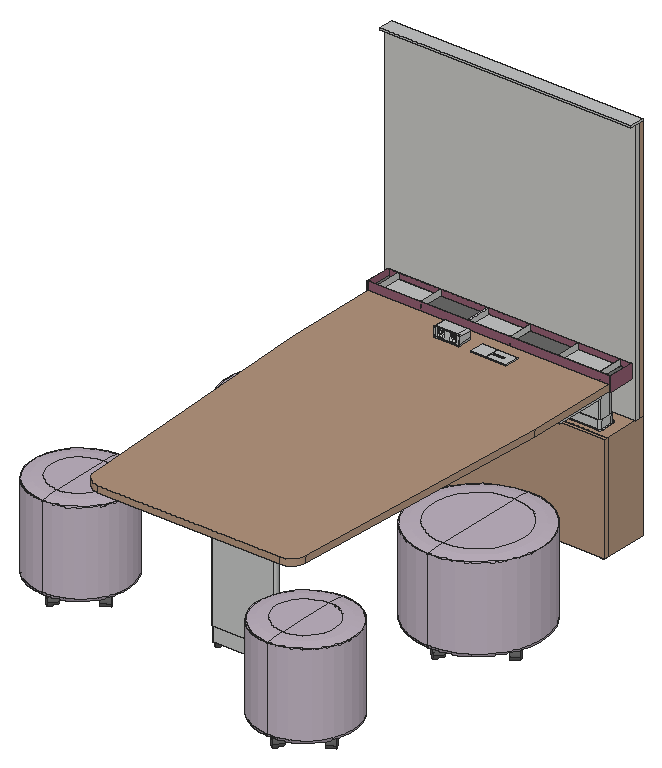
Revit family "Expansion_Casegoods-Meeting_01-Teknion-R2018", category Furniture Systems, Revit 2018 (continued)
Definition of nested family "Desk_Accessories-Teknion-BALWO_Lateral_Worksurface_Organizer-R2018"
  Lines and regions (in)
    Masking region 1
      outline origin (0, 0, 0) x (1, 0, 0) y (0, 1, 0)
        loop
          line (-2.51692, 23.28237) -> (-2.51692, 23.22332) -> (2.48308, 23.22332) -> (2.48308, 23.28237) -> (-2.51692, 23.28237)
    Masking region 2
      outline origin (0, 0, 0) x (1, 0, 0) y (0, 1, 0)
        loop
          line (-2.51692, 23.22332) -> (-2.51692, -22.90057) -> (-2.45787, -22.90057) -> (-2.45787, 23.22332) -> (-2.51692, 23.22332)
        loop
          line (2.42402, 23.04615) -> (2.42402, -22.72341) -> (2.48308, -22.72341) -> (2.48308, 23.04615) -> (2.42402, 23.04615)
    Masking region 3
      outline origin (0, 0, 0) x (1, 0, 0) y (0, 1, 0)
        loop
          line (-2.45787, -22.72341) -> (2.42402, -22.72341) -> (2.42402, 23.04615) -> (-2.45787, 23.04615) -> (-2.45787, -22.72341)
    Masking region 4
      outline origin (0, 0, 0) x (1, 0, 0) y (0, 1, 0)
        loop
          line (-2.51692, -22.90057) -> (-2.51692, -22.95963) -> (2.48308, -22.95963) -> (2.48308, -22.90057) -> (-2.51692, -22.90057)
    Masking region 5
      outline origin (0, 0, 0) x (1, 0, 0) y (0, 1, 0)
        loop
          line (-0.74527, 23.22332) -> (-0.74527, 23.04615) -> (0.71143, 23.04615) -> (0.71143, 23.22332) -> (-0.74527, 23.22332)
    Masking region 6
      outline origin (0, 0, 0) x (1, 0, 0) y (0, 1, 0)
        loop
          line (-0.74527, -22.72341) -> (-0.74527, -22.90057) -> (0.71143, -22.90057) -> (0.71143, -22.72341) -> (-0.74527, -22.72341)
    symbolic lines, visible <- "Top End Bay Visibility"
      curve 1: line (2.42402, 21.19576, 0) -> (-2.45787, 21.19576, 0)
      curve 2: line (2.42402, 13.23513, 0) -> (-2.45787, 13.23513, 0)
      curve 3: line (-2.30039, 13.23513, 0) -> (-2.30039, 13.17607, 0)
      curve 4: line (-2.30039, 13.17607, 0) -> (2.26654, 13.17607, 0)
      curve 5: line (2.26654, 13.17607, 0) -> (2.26654, 13.23513, 0)
      curve 6: line (-2.30039, 21.25481, 0) -> (-2.30039, 21.19576, 0)
      curve 7: line (-2.30039, 21.25481, 0) -> (2.26654, 21.25481, 0)
      curve 8: line (2.26654, 21.19576, 0) -> (2.26654, 21.25481, 0)
      curve 9: line (2.36497, 21.19576, 0) -> (2.36497, 13.23513, 0)
      curve 10: line (-2.39881, 13.23513, 0) -> (-2.39881, 21.19576, 0)
    symbolic lines, visible <- "Center Bay Visibility"
      curve 11: line (2.42402, 4.14169, 0) -> (-2.45787, 4.14169, 0)
      curve 12: line (-2.30039, 4.20074, 0) -> (-2.30039, 4.14169, 0)
      curve 13: line (-2.30039, 4.20074, 0) -> (2.26654, 4.20074, 0)
      curve 14: line (2.26654, 4.14169, 0) -> (2.26654, 4.20074, 0)
      curve 15: line (2.42402, 4.14169, 0) -> (-2.45787, 4.14169, 0)
      curve 16: line (2.42402, -3.81894, 0) -> (-2.45787, -3.81894, 0)
      curve 17: line (-2.30039, -3.81894, 0) -> (-2.30039, -3.878, 0)
      curve 18: line (-2.30039, -3.878, 0) -> (2.26654, -3.878, 0)
      curve 19: line (2.26654, -3.878, 0) -> (2.26654, -3.81894, 0)
    symbolic lines, visible <- "Bottom End Bay Visibility"
      curve 20: line (2.42402, -12.91238, 0) -> (-2.45787, -12.91238, 0)
      curve 21: line (2.42402, -20.87301, 0) -> (-2.45787, -20.87301, 0)
      curve 22: line (-2.30039, -20.93207, 0) -> (2.26654, -20.93207, 0)
      curve 23: line (-2.30039, -20.87301, 0) -> (-2.30039, -20.93207, 0)
      curve 24: line (2.26654, -20.93207, 0) -> (2.26654, -20.87301, 0)
      curve 25: line (-2.30039, -12.85333, 0) -> (-2.30039, -12.91238, 0)
      curve 26: line (-2.30039, -12.85333, 0) -> (2.26654, -12.85333, 0)
      curve 27: line (2.26654, -12.91238, 0) -> (2.26654, -12.85333, 0)
    symbolic lines, visible <- "Bottom End Bay Visibility", detail levels fine
      curve 28: line (-2.39881, -20.87301, 0) -> (-2.39881, -12.91238, 0)
      curve 29: line (2.36497, -12.91238, 0) -> (2.36497, -20.87301, 0)
    symbolic lines, detail levels medium+fine
      curve 30: line (-2.37913, 23.04615, 0) -> (-2.37913, -22.72341, 0)
      curve 31: line (2.34528, -22.72341, 0) -> (2.34528, 23.04615, 0)
    symbolic lines, visible <- "Center Bay Visibility", detail levels fine
      curve 32: line (-2.39881, -3.81894, 0) -> (-2.39881, 4.14169, 0)
      curve 33: line (2.36497, 4.14169, 0) -> (2.36497, -3.81894, 0)
    symbolic lines, visible <- "Top End Bay Visibility", detail levels fine
      curve 34: line (-2.39881, 13.23513, 0) -> (-2.39881, 21.19576, 0)
      curve 35: line (2.36497, 21.19576, 0) -> (2.36497, 13.23513, 0)
    reference lines
      curve 36: line (-2.51692, 23.28237, 0) -> (2.48308, 23.28237, 0)
      curve 37: line (-2.51692, -22.95963, 0) -> (2.48308, -22.95963, 0)
  Dimensions and locks (in)
    equal spacing: plane 4 "Left", plane 3 "Center Left/Right", plane 5 "Right", locked at 2.5 each
    "Actual Depth": plane 6 "Back" to plane 7 "Front"
    plane 8 "Top" to level = 0.000"
    equal spacing: plane 7 "Front", plane 1 "Center Front/Back", plane 6 "Back"
    locked: plane 9 to plane 8 "Top" at 1.47638
    locked: plane 4 "Left" to Sweep 1 sketch curve at 0.05906
    locked: plane 7 "Front" to Sweep 1 sketch curve at 0.05906
    locked: plane 6 "Back" to Sweep 1 sketch curve at 0.05906
    locked: Sweep 2 sketch curve to plane 8 "Top" at 0.05905
    locked: Sweep 2 sketch curve to plane 5 "Right" at 0.05906
    locked: Sweep 2 sketch curve to plane 4 "Left" at 0.05906
    locked: plane 6 "Back" to Sweep 2 sketch curve at 0.23622
    locked: plane 7 "Front" to Sweep 2 sketch curve at 0.23622
    locked: plane 6 "Back" to Sweep 3 sketch curve at 0.05906
    locked: Sweep 3 sketch curve to plane 5 "Right" at 0.19685  (x2)
    locked: plane 9 to Sweep 3 sketch curve at 0.19685
    locked: plane 8 "Top" to Sweep 3 sketch curve at 0.99213  (x2)
    locked: Sweep 3 sketch curve to plane 4 "Left" at 0.19685
    locked: plane 7 "Front" to Sweep 4 sketch curve at 0.05906
    plane 8 "Top" to Sweep 4 sketch curve to Sweep 4 sketch curve to Sweep 4 sketch curve = 0.99213" locked, 0.000" locked, 0.19685" locked
    locked: Sweep 4 sketch curve to plane 4 "Left" at 0.19685
    locked: Sweep 4 sketch curve to plane 5 "Right" at 0.19685
    locked: plane 9 to Sweep 4 sketch curve at 0.19685
    Sweep 5 sketch curve to Sweep 5 sketch curve to plane 8 "Top" = 0.27559" locked, 0.05905" locked
    locked: Sweep 5 sketch curve to plane 5 "Right" at 0.1378
    locked: plane 4 "Left" to Sweep 5 sketch curve at 0.1378
    locked: plane 7 "Front" to Sweep 5 sketch curve at 0.23622
    locked: plane 6 "Back" to Sweep 5 sketch curve at 0.23622
    plane 7 "Front" to Sweep 6 sketch curve to Sweep 6 sketch curve = 2.02756" locked, 0.05905" locked
    locked: plane 9 to Sweep 6 sketch curve at 0.15748  (x2)
    locked: Sweep 6 sketch curve to plane 5 "Right" at 0.37402
    locked: Sweep 6 sketch curve to plane 4 "Left" at 0.37401
    locked: Sweep 6 sketch curve to plane 8 "Top" at 0.3937
    plane 7 "Front" to Sweep 7 sketch curve to Sweep 7 sketch curve = 2.08662" locked, 7.96063" locked
    Sweep 7 sketch curve to Sweep 7 sketch curve to plane 4 "Left" = 0.05906" locked, 0.05906" locked
    Sweep 7 sketch curve to Sweep 7 sketch curve to plane 5 "Right" = 0.05906" locked, 0.05906" locked
    Sweep 7 sketch curve to Sweep 7 sketch curve to Sweep 7 sketch curve to Sweep 7 sketch curve to plane 8 "Top" = 0.05905" locked, 0.19685" locked, 0.000" locked, 0.1378" locked
    plane 7 "Front" to Sweep 8 sketch curve to Sweep 8 sketch curve = 10.04725" locked, 0.05905" locked
    Sweep 9 sketch curve to Sweep 9 sketch curve to plane 1 "Center Front/Back" = 0.05905" locked, 3.98031" locked
    plane 1 "Center Front/Back" to Sweep 10 sketch curve to Sweep 10 sketch curve = 3.98032" locked, 0.05905" locked
    Sweep 11 sketch curve to Sweep 11 sketch curve to plane 6 "Back" = 0.05905" locked, 10.04724" locked
    locked: Sweep 12 sketch curve to Sweep 12 sketch curve at 0.05905
    Sweep 13 sketch curve to Sweep 13 sketch curve to plane 6 "Back" = 7.96063" locked, 2.08661" locked
    locked: Sweep 13 sketch curve to Sweep 13 sketch curve at 0.05906  (x2)
    Sweep 13 sketch curve to Sweep 13 sketch curve to Sweep 13 sketch curve to Sweep 13 sketch curve = 0.05905" locked, 0.19685" locked, 0.000" locked
    Sweep 14 sketch curve to plane 1 "Center Front/Back" to Sweep 14 sketch curve = 3.98032" locked, 3.98032" locked
    locked: Sweep 14 sketch curve to Sweep 14 sketch curve at 0.05906  (x2)
    Sweep 14 sketch curve to Sweep 14 sketch curve to Sweep 14 sketch curve to Sweep 14 sketch curve = 0.05905" locked, 0.19685" locked, 0.000" locked
    plane 7 "Front" to Sweep 15 sketch curve to Sweep 15 sketch curve = 0.05906" locked, 0.17716" locked
    Sweep 15 sketch curve to plane 3 "Center Left/Right" to Sweep 15 sketch curve = 0.72835" locked, 0.72835" locked
    locked: Sweep 15 sketch curve to plane 8 "Top" at 0.05905
    plane 6 "Back" to Sweep 16 sketch curve to Sweep 16 sketch curve = 0.05906" locked, 0.17716" locked
    Sweep 16 sketch curve to plane 3 "Center Left/Right" to Sweep 16 sketch curve = 0.72835" locked, 0.72835" locked
    Masking region 5 sketch curve to plane 3 "Center Left/Right" to Masking region 5 sketch curve = 0.72835" locked, 0.72835" locked
    aligned and locked: level to plane 2
    aligned and locked: plane 9 to Sweep 1 sketch curve
    aligned and locked: plane 8 "Top" to Sweep 1 sketch curve
    aligned and locked: plane 3 "Center Left/Right" to Sweep 1 sketch curve
    aligned and locked: Sweep 1 sketch curve to plane 4 "Left"
    aligned and locked: plane 8 "Top" to Sweep 2 sketch curve
    aligned and locked: Sweep 2 sketch curve to plane 5 "Right"
    aligned and locked: plane 9 to Sweep 2 sketch curve
    aligned and locked: plane 3 "Center Left/Right" to Sweep 2 sketch curve
    aligned and locked: plane 6 "Back" to Sweep 3 sketch curve
    aligned and locked: plane 5 "Right" to Sweep 3 sketch curve
    aligned and locked: Sweep 3 sketch curve to plane 9
    aligned and locked: Sweep 3 sketch curve to plane 4 "Left"
    aligned and locked: plane 7 "Front" to Sweep 4 sketch curve
    aligned and locked: Sweep 4 sketch curve to plane 4 "Left"
    aligned and locked: Sweep 4 sketch curve to plane 9
    aligned and locked: plane 5 "Right" to Sweep 4 sketch curve
    aligned and locked: plane 1 "Center Front/Back" to Sweep 5 sketch curve
    aligned and locked: Sweep 6 sketch curve to plane 3 "Center Left/Right"
    aligned and locked: Sweep 6 sketch curve to plane 9
    aligned and locked: plane 3 "Center Left/Right" to Sweep 7 sketch curve
    aligned and locked: Sweep 15 sketch curve to plane 3 "Center Left/Right"
    aligned and locked: plane 8 "Top" to Sweep 15 sketch curve
    aligned and locked: Masking region 1 sketch curve to plane 4 "Left"
    aligned and locked: Masking region 1 sketch curve to Sweep 3
    aligned and locked: plane 5 "Right" to Masking region 1 sketch curve
    aligned and locked: Masking region 1 sketch curve to plane 6 "Back"
    aligned and locked: Masking region 2 sketch curve to Sweep 3
    aligned and locked: Masking region 2 sketch curve to Sweep 1  (x3)
    aligned and locked: Masking region 2 sketch curve to Sweep 2  (x4)
    aligned and locked: Sweep 2 to Masking region 3 sketch curve
    aligned and locked: Masking region 3 sketch curve to Sweep 2  (x2)
    aligned and locked: Masking region 3 sketch curve to Sweep 1
    aligned and locked: Masking region 4 sketch curve to Sweep 4
    aligned and locked: plane 5 "Right" to Masking region 4 sketch curve
    aligned and locked: plane 4 "Left" to Masking region 4 sketch curve
    aligned and locked: Masking region 4 sketch curve to plane 7 "Front"
    aligned and locked: Sweep 3 to Masking region 5 sketch curve
    aligned and locked: Sweep 2 to Masking region 5 sketch curve
    aligned and locked: Masking region 6 sketch curve to Sweep 15  (x4)
    aligned and locked: curve 1 to Sweep 13
    aligned and locked: curve 2 to Sweep 13
    aligned and locked: curve 3 to Sweep 11
    aligned and locked: curve 4 to Sweep 11
    aligned and locked: curve 5 to Sweep 11
    aligned and locked: curve 6 to Sweep 12
    aligned and locked: curve 7 to Sweep 12
    aligned and locked: curve 8 to Sweep 12
    aligned and locked: curve 9 to Sweep 13
    aligned and locked: curve 10 to Sweep 13
    aligned and locked: curve 11 to Sweep 14
    aligned and locked: curve 12 to Sweep 10
    aligned and locked: curve 13 to Sweep 10
    aligned and locked: curve 14 to Sweep 10
    aligned and locked: curve 15 to Sweep 14
    aligned and locked: curve 16 to Sweep 14
    aligned and locked: curve 17 to Sweep 9
    aligned and locked: curve 18 to Sweep 9
    aligned and locked: curve 19 to Sweep 9
    aligned and locked: curve 20 to Sweep 7
    aligned and locked: curve 21 to Sweep 7
    aligned and locked: curve 22 to Sweep 6
    aligned and locked: curve 23 to Sweep 6
    aligned and locked: curve 24 to Sweep 6
    aligned and locked: curve 25 to Sweep 8
    aligned and locked: curve 26 to Sweep 8
    aligned and locked: curve 27 to Sweep 8
    aligned and locked: curve 28 to Sweep 7
    aligned and locked: curve 29 to Sweep 7
    aligned and locked: curve 30 to Sweep 5
    aligned and locked: curve 31 to Sweep 5
    aligned and locked: curve 32 to Sweep 14
    aligned and locked: curve 33 to Sweep 14
    aligned and locked: curve 34 to Sweep 13
    aligned and locked: curve 35 to Sweep 13
    aligned and locked: curve 36 to plane 6 "Back"
    aligned and locked: curve 37 to plane 7 "Front"
  Automatic sketch dimensions
    Sweep 3 sketch curve to plane 3 "Center Left/Right" = 0.000"
    Sweep 4 sketch curve to plane 3 "Center Left/Right" = 0.000"
    Sweep 8 sketch curve to plane 3 "Center Left/Right" = 0.000"
    profile plane to Sweep 8 sketch curve = 2.28346"
    Sweep 8 sketch curve to Sweep 8 sketch curve = 0.15748"  (x2)
    level to Sweep 8 sketch curve = 1.3189"
    Sweep 8 sketch curve to profile plane = 2.12598"
    level to Sweep 8 sketch curve = 0.3937"
    Sweep 9 sketch curve to plane 3 "Center Left/Right" = 0.000"
    profile plane to Sweep 9 sketch curve = 2.28346"
    Sweep 9 sketch curve to Sweep 9 sketch curve = 0.15748"  (x2)
    level to Sweep 9 sketch curve = 1.3189"
    Sweep 9 sketch curve to profile plane = 2.12598"
    level to Sweep 9 sketch curve = 0.3937"
    Sweep 10 sketch curve to plane 3 "Center Left/Right" = 0.000"
    profile plane to Sweep 10 sketch curve = 2.28346"
    Sweep 10 sketch curve to Sweep 10 sketch curve = 0.15748"  (x2)
    level to Sweep 10 sketch curve = 1.3189"
    Sweep 10 sketch curve to profile plane = 2.12598"
    level to Sweep 10 sketch curve = 0.3937"
    Sweep 11 sketch curve to plane 3 "Center Left/Right" = 0.000"
    profile plane to Sweep 11 sketch curve = 2.28346"
    Sweep 11 sketch curve to Sweep 11 sketch curve = 0.15748"  (x2)
    level to Sweep 11 sketch curve = 1.3189"
    Sweep 11 sketch curve to profile plane = 2.12598"
    level to Sweep 11 sketch curve = 0.3937"
    Sweep 12 sketch curve to plane 3 "Center Left/Right" = 0.000"
    Sweep 12 sketch curve to plane 6 "Back" = 2.08661"
    profile plane to Sweep 12 sketch curve = 2.28346"
    Sweep 12 sketch curve to Sweep 12 sketch curve = 0.15748"  (x2)
    level to Sweep 12 sketch curve = 1.3189"
    Sweep 12 sketch curve to profile plane = 2.12598"
    level to Sweep 12 sketch curve = 0.3937"
    Sweep 13 sketch curve to plane 3 "Center Left/Right" = 0.000"
    level to Sweep 13 sketch curve = 0.3937"
    profile plane to Sweep 13 sketch curve = 2.44094"
    Sweep 13 sketch curve to profile plane = 2.38189"
    Sweep 14 sketch curve to plane 3 "Center Left/Right" = 0.000"
    level to Sweep 14 sketch curve = 0.3937"
    profile plane to Sweep 14 sketch curve = 2.44094"
    Sweep 14 sketch curve to profile plane = 2.38189"
    Sweep 16 sketch curve to plane 3 "Center Left/Right" = 0.000"
    Sweep 16 sketch curve to level = 0.000"
    level to Sweep 16 sketch curve = 0.05905"
    plane 4 "Left" to curve 1 = 0.05906"
    plane 4 "Left" to curve 2 = 0.05906"
    plane 5 "Right" to curve 2 = 0.05906"
    curve 9 to curve 1 = 0.05906"
    plane 4 "Left" to curve 11 = 0.05906"
    plane 5 "Right" to curve 11 = 0.05906"
    curve 15 to curve 11 = 0.000"  (x2)
    plane 4 "Left" to curve 16 = 0.05906"
    curve 17 to curve 17 = 0.05905"
    curve 19 to curve 19 = 0.05905"
    plane 5 "Right" to curve 20 = 0.05906"
    plane 4 "Left" to curve 21 = 0.05906"
    plane 5 "Right" to curve 21 = 0.05906"
    curve 20 to curve 28 = 0.05906"
    curve 30 to plane 7 "Front" = 0.23622"
    curve 30 to plane 6 "Back" = 0.23622"
    curve 31 to plane 7 "Front" = 0.23622"
    curve 31 to plane 6 "Back" = 0.23622"
    curve 33 to curve 16 = 0.05906"
    curve 36 to plane 4 "Left" = 0.000"
    curve 36 to plane 5 "Right" = 0.000"
    curve 37 to plane 4 "Left" = 0.000"
    curve 37 to plane 5 "Right" = 0.000"
Definition of nested family "Electrical-Teknion-BEEPC_Power_Cube-R2018"
  Parameters (values of type "Quad - 2 Power / 0 USB / 2 Data")
    Width = 7.5591"
    Warranty = "http://www.teknion.com/ca/papers/legal-canada"
    Unit Weight URL = "http://www.teknion.com/ca/tools/assets#&asset=bee6a381-b954-425e-8283-5a2de3a804f2,f828d448-4b62-4231-9e5f-9a8991c0ed77"
    URL = "www.teknion.com"
    To render please download texture images found here [instance] = "https://assets.teknion.com/web/5e81352c1dfdb467/revit-material-swatches/"
    Sustainability Data = "https://www.teknion.com/ca/tools/assets#&topic=216f99a5-57a0-44fc-b10a-9dee9b29ae4c&asset=444deb64-fe58-4b68-981e-f75e97781df7,b4ff2d81-9f2e-437d-9659-7cffb09c31cf"
    Series = "Expansion Casegoods"  # constant formula
    Quad - Right USB = no
    Quad - Right Data = yes
    Quad - Power = no
    Quad - Left USB = no
    Quad - Left Data = yes
    Quad = yes
    Product Page URL = "https://www.teknion.com/ca/products/product-details?productLineId=0053336e-8e7a-673b-a6c8-ff00004460c4"
    Product Line = "Expansion Casegoods"  # constant formula
    Product Documentation Link = "https://www.teknion.com/pricing/expansion-casegoods/pdfs/BEEPC_ppg.pdf"
    Part Number = "BEEPC"  # constant formula
    Model = "BEEPCQ202"
    Manufacturer Phone = "416-661-3370"  # constant formula
    Manufacturer Fax = "416.661.4586"  # constant formula
    Manufacturer Contact Information = "http://www.teknion.com/ca/contactus"
    Manufacturer Address = "1150 Flint Road, Toronto, ON. M3J 2J5. Canada"  # constant formula
    Manufacturer = "Teknion"  # constant formula
    How To Use Teknion Materials User Guide [instance] = "https://assets.teknion.com/m/205dd0a49fa58060/original/How-to-add-a-Material-Library-and-Texture-Images-to-your-Revit-project.pdf"
    For Additional Finishes please visit [instance] = "https://assets.teknion.com/m/44a8009b046e5d47/original/Teknion_Materials_Library.zip"
    Dual - USB = no
    Dual - Power = no
    Dual - Data = no
    Dual = no
    Description = "Power Cube, Quad - 2 Power / 0 USB / 2 Data Configuration"
    Default Elevation = 48.000"
    Case, Back & Front Finish [instance] = none
    Assembly Code = "E2020200"
  Types (8): name | Width | Quad - Right USB | Quad - Right Data | Quad - Power | Quad - Left USB | Quad - Left Data | Quad | Model | Dual - USB | Dual - Power | Dual - Data | Dual | Description
    (no name) | 7.5591" | no | yes | no | no | yes | yes | "BEEPCQ202" | no | no | no | no | "Power Cube, Quad - 2 Power / 0 USB / 2 Data Configuration"
    Dual - 1 Power / 0 USB / 1 Data | 5.000" | no | no | no | no | no | no | "BEEPCD101" | no | no | yes | yes | "Power Cube, Dual - 1 Power / 0 USB / 1 Data Configuration"
    Quad - 2 Power / 0 USB / 2 Data | 7.5591" | no | yes | no | no | yes | yes | "BEEPCQ202" | no | no | no | no | "Power Cube, Quad - 2 Power / 0 USB / 2 Data Configuration"
    Dual - 1 Power / 2 USB / 0 Data | 5.000" | no | no | no | no | no | no | "BEEPCD120" | yes | no | no | yes | "Power Cube, Dual - 1 Power / 2 USB / 0 Data Configuration"
    Dual - Power Only | 5.000" | no | no | no | no | no | no | "BEEPCD200" | no | yes | no | yes | "Power Cube, Dual - Power Only Configuration"
    Quad - 2 Power / 2 USB / 1 Data | 7.5591" | yes | no | no | no | yes | yes | "BEEPCQ221" | no | no | no | no | "Power Cube, Quad - 2 Power / 2 USB / 1 Data Configuration"
    Quad - 2 Power / 4 USB / 0 Data | 7.5591" | yes | no | no | yes | no | yes | "BEEPCQ240" | no | no | no | no | "Power Cube, Quad - 2 Power / 4 USB / 0 Data Configuration"
    Quad - 3 Power / 2 USB / 0 Data | 7.5591" | yes | no | yes | no | no | yes | "BEEPCQ320" | no | no | no | no | "Power Cube, Quad - 3 Power / 2 USB / 0 Data Configuration"
  Reference planes (in)
    plane 1 "Center Front/Back": y = 0
    plane 2: z = 0
    plane 3 "Center Left/Right": x = 0
    plane 4 "Left": x = -3.77955
    plane 5 "Right": x = 3.77955
    plane 6 "Back": y = 1.25
    plane 7 "Front": y = -1.25
    plane 8 "Top": z = 2
  Forms (in)
    SweptBlend 1, solid, material <- "Case, Back & Front Finish"
      path origin (0, 0, 0) x (1, 0, 0) y (0, 1, 0)
        loop
          line (0, 1.25) -> (0, -1.25)
      profile origin (0, 1.25, 0) x (1, 0, 0) y (0, 0, 1)
        loop
          arc (-3.3425, 1.87447) -> (-3.60704, 1.76473) -> (-3.7162, 1.49995) r 0.37371
          line (-3.7162, 1.49995) -> (-3.7162, 0.37337)
          arc (-3.7162, 0.37337) -> (-3.60676, 0.10915) -> (-3.34254, -0.00029) r 0.37366
          line (-3.34254, -0.00029) -> (3.34256, -0.00029)
          arc (3.34256, -0.00029) -> (3.60676, 0.10915) -> (3.71619, 0.37335) r 0.37363
          line (3.71619, 0.37335) -> (3.71619, 1.49995)
          arc (3.71619, 1.49995) -> (3.60703, 1.76473) -> (3.34249, 1.87447) r 0.3737
          line (3.34249, 1.87447) -> (-3.3425, 1.87447)
      end profile origin (0, -1.25, 0) x (1, 0, 0) y (0, 0, 1)
        loop
          line (3.40547, 2) -> (-3.40598, 2)
          arc (-3.40598, 2) -> (-3.67013, 1.89058) -> (-3.77955, 1.62643) r 0.37357
          line (-3.77955, 1.62643) -> (-3.77955, 0.3735)
          arc (-3.77955, 0.3735) -> (-3.67015, 0.1094) -> (-3.40605, 0) r 0.3735
          line (-3.40605, 0) -> (3.40583, 0)
          arc (3.40583, 0) -> (3.67009, 0.10946) -> (3.77955, 0.37372) r 0.37372
          line (3.77955, 0.37372) -> (3.77955, 1.62592)
          arc (3.77955, 1.62592) -> (3.66998, 1.89043) -> (3.40547, 2) r 0.37408
    Sweep 2, void
      path origin (0, 0, 0) x (1, 0, 0) y (0, 1, 0)
        loop
          line (-4.25, 0) -> (4.25, 0)
      profile origin (0, 0, 0) x (0, 1, 0) y (0, 0, 1)
        loop
          line (-1.25262, -0.05) -> (-1.14256, 2.05) -> (-1.35, 2.05) -> (-1.35, -0.05) -> (-1.25262, -0.05)
    Sweep 3, void
      path origin (0, 0, 0) x (0, 1, 0) y (0, 0, 1)
        loop
          line (-1.11895, 0.99598) -> (-1.19998, 1.00023)
      profile origin (0, -1.15947, 0.99811) x (0, -0.052336, -0.99863) y (1, 0, 0)
        loop
          line (-0.90284, 3.35632) -> (-0.90284, -3.35632)
          arc (-0.90284, -3.35632) -> (-0.80771, -3.58599) -> (-0.57804, -3.68112) r 0.3248
          line (-0.57804, -3.68112) -> (0.57849, -3.68112)
          arc (0.57849, -3.68112) -> (0.80799, -3.58606) -> (0.90305, -3.35657) r 0.32456
          line (0.90305, -3.35657) -> (0.90305, 3.35611)
          arc (0.90305, 3.35611) -> (0.80786, 3.58593) -> (0.57804, 3.68112) r 0.32501
          line (0.57804, 3.68112) -> (-0.57804, 3.68112)
          arc (-0.57804, 3.68112) -> (-0.80771, 3.58599) -> (-0.90284, 3.35632) r 0.3248
    Sweep 4, solid, visible <- "Dual"
      path origin (0, 0, 0) x (0, 1, 0) y (0, 0, 1)
        loop
          line (-1.11896, 0.99588) -> (-1.19759, 1)
      profile origin (0, -1.15828, 0.99794) x (0, -0.052336, -0.99863) y (1, 0, 0)
        loop
          line (0.5252, -1.72639) -> (0.5252, -0.676) -> (-0.5252, -0.676) -> (-0.5252, -1.72639) -> (0.5252, -1.72639)
        loop
          line (-0.39882, -1.40474) -> (-0.39882, -1.47679) -> (-0.05, -1.47679) -> (-0.05, -1.40474) -> (-0.39882, -1.40474)
        loop
          line (-0.35945, -0.99765) -> (-0.08937, -0.99765) -> (-0.08937, -0.92561) -> (-0.35945, -0.92561) -> (-0.35945, -0.99765)
        loop
          line (0.24685, -1.30474) -> (0.35039, -1.30474) -> (0.35039, -1.09765) -> (0.24685, -1.09765)
          arc (0.24685, -1.09765) -> (0.14331, -1.2012) -> (0.24685, -1.30474) r 0.10354
    Sweep 5, solid, visible <- "Dual - Power"
      path origin (0, 0, 0) x (0, 1, 0) y (0, 0, 1)
        loop
          line (-1.11896, 0.99588) -> (-1.19759, 1)
      profile origin (0, -1.15828, 0.99794) x (0, -0.052336, -0.99863) y (1, 0, 0)
        loop
          line (-0.5252, 1.72639) -> (-0.5252, 0.676) -> (0.5252, 0.676) -> (0.5252, 1.72639) -> (-0.5252, 1.72639)
        loop
          line (-0.04975, 0.9977) -> (-0.39857, 0.9977) -> (-0.39857, 0.92565) -> (-0.04975, 0.92565) -> (-0.04975, 0.9977)
        loop
          line (-0.08912, 1.4047) -> (-0.08912, 1.47674) -> (-0.3592, 1.47674) -> (-0.3592, 1.4047) -> (-0.08912, 1.4047)
        loop
          line (0.3502, 1.09765) -> (0.3502, 1.30474) -> (0.24665, 1.30474)
          arc (0.24665, 1.30474) -> (0.14311, 1.2012) -> (0.24665, 1.09765) r 0.10354
          line (0.24665, 1.09765) -> (0.3502, 1.09765)
    Sweep 6, solid, visible <- "Dual - USB"
      path origin (0, 0, 0) x (0, 1, 0) y (0, 0, 1)
        loop
          line (-1.11895, 0.99598) -> (-1.19759, 1.0001)
      profile origin (0, -1.15827, 0.99804) x (0, -0.052336, -0.99863) y (1, 0, 0)
        loop
          line (0.5252, 0.676) -> (0.5252, 1.72639) -> (-0.5252, 1.72639) -> (-0.5252, 0.676) -> (0.5252, 0.676)
        loop
          line (-0.3545, 0.8917) -> (0.3545, 0.8917) -> (0.3545, 1.0887) -> (-0.3545, 1.0887) -> (-0.3545, 0.8917)
        loop
          line (0.3545, 1.5107) -> (-0.3545, 1.5107) -> (-0.3545, 1.3137) -> (0.3545, 1.3137) -> (0.3545, 1.5107)
    Sweep 7, solid, visible <- "Dual - Data"
      path origin (0, 0, 0) x (0, 1, 0) y (0, 0, 1)
        loop
          line (-1.11895, 0.99598) -> (-1.19759, 1.0001)
      profile origin (0, -1.15827, 0.99804) x (0, -0.052336, -0.99863) y (1, 0, 0)
        loop
          line (0.5252, 0.676) -> (0.5252, 1.72639) -> (-0.5252, 1.72639) -> (-0.5252, 0.676) -> (0.5252, 0.676)
        loop
          line (-0.3152, 1.5947) -> (-0.3152, 0.8077) -> (0.2758, 0.8077) -> (0.2758, 1.09765) -> (0.3308, 1.09765) -> (0.3308, 1.30475) -> (0.2758, 1.30475) -> (0.2758, 1.5947) -> (-0.3152, 1.5947)
    Sweep 8, solid, visible <- "Quad"
      path origin (0, 0, 0) x (0, 1, 0) y (0, 0, 1)
        loop
          line (-1.11896, 0.99588) -> (-1.19759, 1)
      profile origin (0, -1.15828, 0.99794) x (0, -0.052336, -0.99863) y (1, 0, 0)
        loop
          line (-0.5252, -1.40239) -> (0.5252, -1.40239) -> (0.5252, -0.352) -> (-0.5252, -0.352) -> (-0.5252, -1.40239)
        loop
          line (-0.05, -1.08074) -> (-0.39882, -1.08074) -> (-0.39882, -1.15279) -> (-0.05, -1.15279) -> (-0.05, -1.08074)
        loop
          line (-0.08937, -0.67365) -> (-0.08937, -0.60161) -> (-0.35945, -0.60161) -> (-0.35945, -0.67365) -> (-0.08937, -0.67365)
        loop
          line (0.24685, -0.98074) -> (0.35039, -0.98074) -> (0.35039, -0.77365) -> (0.24685, -0.77365)
          arc (0.24685, -0.77365) -> (0.14331, -0.8772) -> (0.24685, -0.98074) r 0.10354
    Sweep 9, solid, visible <- "Quad"
      path origin (0, 0, 0) x (0, 1, 0) y (0, 0, 1)
        loop
          line (-1.11895, 0.99598) -> (-1.19759, 1.0001)
      profile origin (0, -1.15827, 0.99804) x (0, -0.052336, -0.99863) y (1, 0, 0)
        loop
          line (0.5253, 0.352) -> (0.5253, 1.40239) -> (-0.52509, 1.40239) -> (-0.52509, 0.352) -> (0.5253, 0.352)
        loop
          line (-0.39846, 0.60165) -> (-0.04964, 0.60165) -> (-0.04964, 0.6737) -> (-0.39846, 0.6737) -> (-0.39846, 0.60165)
        loop
          line (-0.35909, 1.15274) -> (-0.35909, 1.0807) -> (-0.08901, 1.0807) -> (-0.08901, 1.15274) -> (-0.35909, 1.15274)
        loop
          line (0.24676, 0.77365) -> (0.3503, 0.77365) -> (0.3503, 0.98074) -> (0.24676, 0.98074)
          arc (0.24676, 0.98074) -> (0.14322, 0.8772) -> (0.24676, 0.77365) r 0.10354
    Sweep 10, solid, visible <- "Quad - Power"
      path origin (0, 0, 0) x (0, 1, 0) y (0, 0, 1)
        loop
          line (-1.11896, 0.99588) -> (-1.19759, 1)
      profile origin (0, -1.15828, 0.99794) x (0, -0.052336, -0.99863) y (1, 0, 0)
        loop
          line (-0.5252, -3.15605) -> (0.5252, -3.15605) -> (0.5252, -2.10565) -> (-0.5252, -2.10565) -> (-0.5252, -3.15605)
        loop
          line (-0.05, -2.90644) -> (-0.05, -2.83439) -> (-0.39882, -2.83439) -> (-0.39882, -2.90644) -> (-0.05, -2.90644)
        loop
          line (-0.08937, -2.42731) -> (-0.08937, -2.35526) -> (-0.35945, -2.35526) -> (-0.35945, -2.42731) -> (-0.08937, -2.42731)
        loop
          line (0.35039, -2.52731) -> (0.24685, -2.52731)
          arc (0.24685, -2.52731) -> (0.14331, -2.63085) -> (0.24685, -2.73439) r 0.10354
          line (0.24685, -2.73439) -> (0.35039, -2.73439) -> (0.35039, -2.52731)
    Sweep 11, solid, visible <- "Quad - Right USB"
      path origin (0, 0, 0) x (0, 1, 0) y (0, 0, 1)
        loop
          line (-1.11896, 0.99588) -> (-1.19759, 1)
      profile origin (0, -1.15828, 0.99794) x (0, -0.052336, -0.99863) y (1, 0, 0)
        loop
          line (0.52446, 2.10639) -> (0.52446, 3.15605) -> (-0.5252, 3.15605) -> (-0.5252, 2.10639) -> (0.52446, 2.10639)
        loop
          line (0.35413, 2.74372) -> (0.35413, 2.94072) -> (-0.35487, 2.94072) -> (-0.35487, 2.74372) -> (0.35413, 2.74372)
        loop
          line (-0.35487, 2.32172) -> (0.35413, 2.32172) -> (0.35413, 2.51872) -> (-0.35487, 2.51872) -> (-0.35487, 2.32172)
    Sweep 12, solid, visible <- "Quad - Left USB"
      path origin (0, 0, 0) x (0, 1, 0) y (0, 0, 1)
        loop
          line (-1.11896, 0.99588) -> (-1.19759, 1)
      profile origin (0, -1.15828, 0.99794) x (0, -0.052336, -0.99863) y (1, 0, 0)
        loop
          line (0.52446, -3.15605) -> (0.52446, -2.10639) -> (-0.5252, -2.10639) -> (-0.5252, -3.15605) -> (0.52446, -3.15605)
        loop
          line (0.35413, -2.51872) -> (0.35413, -2.32172) -> (-0.35487, -2.32172) -> (-0.35487, -2.51872) -> (0.35413, -2.51872)
        loop
          line (-0.35487, -2.94072) -> (0.35413, -2.94072) -> (0.35413, -2.74372) -> (-0.35487, -2.74372) -> (-0.35487, -2.94072)
    Sweep 13, solid, visible <- "Quad - Right Data"
      path origin (0, 0, 0) x (0, 1, 0) y (0, 0, 1)
        loop
          line (-1.11896, 0.99588) -> (-1.19759, 1)
      profile origin (0, -1.15828, 0.99794) x (0, -0.052336, -0.99863) y (1, 0, 0)
        loop
          line (-0.3152, 3.02509) -> (-0.3152, 2.23809) -> (0.2758, 2.23809) -> (0.2758, 2.52804) -> (0.3308, 2.52804) -> (0.3308, 2.73514) -> (0.2758, 2.73514) -> (0.2758, 3.02509) -> (-0.3152, 3.02509)
        loop
          line (0.5252, 3.15679) -> (-0.5252, 3.15679) -> (-0.5252, 2.10639) -> (0.5252, 2.10639) -> (0.5252, 3.15679)
    Sweep 14, solid, visible <- "Quad - Left Data"
      path origin (0, 0, 0) x (0, 1, 0) y (0, 0, 1)
        loop
          line (-1.11896, 0.99588) -> (-1.19759, 1)
      profile origin (0, -1.15828, 0.99794) x (0, -0.052336, -0.99863) y (1, 0, 0)
        loop
          line (0.3308, -2.5273) -> (0.2758, -2.5273) -> (0.2758, -2.23735) -> (-0.3152, -2.23735) -> (-0.3152, -3.02435) -> (0.2758, -3.02435) -> (0.2758, -2.7344) -> (0.3308, -2.7344) -> (0.3308, -2.5273)
        loop
          line (0.5252, -3.15605) -> (0.5252, -2.10565) -> (-0.5252, -2.10565) -> (-0.5252, -3.15605) -> (0.5252, -3.15605)
  Cuts and joins
    Sweep 2, Sweep 3 cuts SweptBlend 1
  Lines and regions (in)
    Masking region 1
      outline origin (0, 0, 0) x (1, 0, 0) y (0, 1, 0)
        loop
          line (-3.7162, 1.25) -> (-3.77955, -1.25) -> (3.77955, -1.25) -> (3.71619, 1.25) -> (-3.7162, 1.25)
    symbolic lines, detail levels medium+fine
      curve 1: line (-3.68112, -1.25, 0) -> (-3.68112, -1.0717, 0)
      curve 2: line (3.68112, -1.25, 0) -> (3.68112, -1.0717, 0)
      curve 3: line (-3.68112, -1.0717, 0) -> (3.68112, -1.0717, 0)
    symbolic lines, visible <- "Dual", detail levels medium+fine
      curve 4: line (-1.72639, -1.09147, 0) -> (-0.676, -1.09147, 0)
      curve 5: line (-1.72639, -1.14645, 0) -> (-1.72639, -1.09147, 0)
      curve 6: line (-0.676, -1.14645, 0) -> (-1.72639, -1.14645, 0)
      curve 7: line (-0.676, -1.09147, 0) -> (-0.676, -1.14645, 0)
      curve 8: line (0.676, -1.09147, 0) -> (1.72639, -1.09147, 0)
      curve 9: line (0.676, -1.14645, 0) -> (0.676, -1.09147, 0)
      curve 10: line (1.72639, -1.14645, 0) -> (0.676, -1.14645, 0)
      curve 11: line (1.72639, -1.09147, 0) -> (1.72639, -1.14645, 0)
    symbolic lines, visible <- "Quad", detail levels medium+fine
      curve 12: line (0.352, -1.09147, 0) -> (1.40239, -1.09147, 0)
      curve 13: line (0.352, -1.14645, 0) -> (0.352, -1.09147, 0)
      curve 14: line (1.40239, -1.14645, 0) -> (0.352, -1.14645, 0)
      curve 15: line (1.40239, -1.09147, 0) -> (1.40239, -1.14645, 0)
      curve 16: line (-1.40239, -1.09147, 0) -> (-0.352, -1.09147, 0)
      curve 17: line (-1.40239, -1.14645, 0) -> (-1.40239, -1.09147, 0)
      curve 18: line (-0.352, -1.14645, 0) -> (-1.40239, -1.14645, 0)
      curve 19: line (-0.352, -1.09147, 0) -> (-0.352, -1.14645, 0)
      curve 20: line (-3.15605, -1.09147, 0) -> (-2.10639, -1.09147, 0)
      curve 21: line (-3.15605, -1.14641, 0) -> (-3.15605, -1.09147, 0)
      curve 22: line (-2.10639, -1.14641, 0) -> (-3.15605, -1.14641, 0)
      curve 23: line (-2.10639, -1.09147, 0) -> (-2.10639, -1.14641, 0)
      curve 24: line (2.10639, -1.09147, 0) -> (3.15605, -1.09147, 0)
      curve 25: line (2.10639, -1.14641, 0) -> (2.10639, -1.09147, 0)
      curve 26: line (3.15605, -1.14641, 0) -> (2.10639, -1.14641, 0)
      curve 27: line (3.15605, -1.09147, 0) -> (3.15605, -1.14641, 0)
  Dimensions and locks (in)
    "Width": plane 4 "Left" to plane 5 "Right"
    locked: plane 6 "Back" to plane 7 "Front" at 2.5
    locked: plane 8 "Top" to level at 2
    equal spacing: plane 4 "Left", plane 3 "Center Left/Right", plane 5 "Right"
    equal spacing: plane 6 "Back", plane 1 "Center Front/Back", plane 7 "Front"
    locked: plane 8 "Top" to SweptBlend 1 sketch curve at 0.12553
    locked: SweptBlend 1 sketch curve to plane 4 "Left" at 0.06335
    locked: SweptBlend 1 sketch curve to plane 5 "Right" at 0.06336
    locked: level to SweptBlend 1 sketch curve at 0.00029
    locked: plane 7 "Front" to Sweep 2 sketch curve at 0.1
    Sweep 2 sketch curve to plane 7 "Front" to Sweep 2 sketch curve = 0.10744" locked, 0.00262" locked
    locked: level to Sweep 2 sketch curve at 0.05
    locked: Sweep 2 sketch curve to plane 8 "Top" at 0.05
    locked: Sweep 2 sketch curve to plane 4 "Left" at 0.47045
    locked: plane 5 "Right" to Sweep 2 sketch curve at 0.47045
    Sweep 3 sketch curve to Sweep 3 sketch curve to plane 7 "Front" = 0.08103" locked, 0.05002" locked
    Sweep 3 sketch curve to Sweep 3 sketch curve to level = 0.00425" locked, 0.99598" locked
    locked: plane 4 "Left" to Sweep 3 sketch curve at 0.09843
    locked: Sweep 3 sketch curve to plane 5 "Right" at 0.09843
    Sweep 3 sketch curve to profile plane to Sweep 3 sketch curve = 0.90284" locked, 0.90305" locked
    Sweep 4 sketch curve to Sweep 4 sketch curve to level = 0.00412" locked, 0.99588" locked
    Sweep 4 sketch curve to Sweep 4 sketch curve to plane 7 "Front" = 0.07863" locked, 0.05241" locked
    Sweep 5 sketch curve to Sweep 5 sketch curve to level = 0.00412" locked, 0.99588" locked
    Sweep 5 sketch curve to Sweep 5 sketch curve to plane 7 "Front" = 0.07863" locked, 0.05241" locked
    Sweep 6 sketch curve to Sweep 6 sketch curve to level = 0.00412" locked, 0.99598" locked
    Sweep 6 sketch curve to Sweep 6 sketch curve to plane 7 "Front" = 0.07863" locked, 0.05241" locked
    Sweep 7 sketch curve to Sweep 7 sketch curve to level = 0.00412" locked, 0.99598" locked
    Sweep 7 sketch curve to Sweep 7 sketch curve to plane 7 "Front" = 0.07863" locked, 0.05241" locked
    Sweep 8 sketch curve to Sweep 8 sketch curve to level = 0.00412" locked, 0.99588" locked
    Sweep 8 sketch curve to Sweep 8 sketch curve to plane 7 "Front" = 0.07863" locked, 0.05241" locked
    Sweep 9 sketch curve to Sweep 9 sketch curve to level = 0.00412" locked, 0.99598" locked
    Sweep 9 sketch curve to Sweep 9 sketch curve to plane 7 "Front" = 0.07863" locked, 0.05241" locked
    plane 7 "Front" to Sweep 10 sketch curve to Sweep 10 sketch curve = 0.05241" locked, 0.07863" locked
    Sweep 10 sketch curve to Sweep 10 sketch curve to level = 0.00412" locked, 0.99588" locked
    plane 7 "Front" to Sweep 11 sketch curve to Sweep 11 sketch curve = 0.05241" locked, 0.07863" locked
    Sweep 11 sketch curve to Sweep 11 sketch curve to level = 0.00412" locked, 0.99588" locked
    plane 7 "Front" to Sweep 12 sketch curve to Sweep 12 sketch curve = 0.05241" locked, 0.07863" locked
    Sweep 12 sketch curve to Sweep 12 sketch curve to level = 0.00412" locked, 0.99588" locked
    Sweep 13 sketch curve to Sweep 13 sketch curve to plane 7 "Front" = 0.07863" locked, 0.05241" locked
    Sweep 13 sketch curve to Sweep 13 sketch curve to level = 0.00412" locked, 0.99588" locked
    plane 7 "Front" to Sweep 14 sketch curve to Sweep 14 sketch curve = 0.05241" locked, 0.07863" locked
    Sweep 14 sketch curve to Sweep 14 sketch curve to level = 0.00412" locked, 0.99588" locked
    plane 4 "Left" to Masking region 1 sketch curve to Masking region 1 sketch curve = 0.000" locked, 0.06335" locked
    Masking region 1 sketch curve to plane 5 "Right" to Masking region 1 sketch curve = 0.06336" locked, 0.000" locked
    locked: plane 7 "Front" to curve 3 at 0.1783
    locked: plane 4 "Left" to curve 1 at 0.09843
    locked: curve 2 to plane 5 "Right" at 0.09843
    curve 5 to curve 7 to plane 3 "Center Left/Right" = 1.05039" locked, 0.676" locked
    plane 7 "Front" to curve 6 to curve 4 = 0.10355" locked, 0.05497" locked
    plane 7 "Front" to curve 10 to curve 8 = 0.10355" locked, 0.05497" locked
    plane 3 "Center Left/Right" to curve 9 to curve 11 = 0.676" locked, 1.05039" locked
    curve 21 to curve 23 to curve 17 to curve 19 to plane 3 "Center Left/Right" to curve 13 to curve 15 to curve 25 to curve 27 = 1.04965" locked, 0.704" locked, 1.05039" locked, 0.352" locked, 0.352" locked, 1.05039" locked, 0.704" locked, 1.04965" locked
    plane 7 "Front" to curve 18 to curve 14 to curve 22 to curve 26 to curve 20 to curve 16 to curve 12 to curve 24 = 0.10355" locked, 0.000" locked, 0.00004" locked, 0.000" locked, 0.05493" locked, 0.000" locked, 0.000" locked, 0.000" locked
    aligned and locked: level to plane 2
    aligned and locked: plane 6 "Back" to SweptBlend 1 sketch curve
    aligned and locked: plane 7 "Front" to SweptBlend 1 sketch curve
    aligned and locked: SweptBlend 1 sketch curve to plane 3 "Center Left/Right"
    aligned and locked: plane 8 "Top" to SweptBlend 1 sketch curve
    aligned and locked: SweptBlend 1 sketch curve to level
    aligned and locked: SweptBlend 1 sketch curve to plane 5 "Right"
    aligned and locked: SweptBlend 1 sketch curve to plane 4 "Left"
    aligned and locked: Sweep 2 sketch curve to plane 1 "Center Front/Back"
    aligned and locked: Masking region 1 sketch curve to plane 6 "Back"
    aligned and locked: plane 7 "Front" to Masking region 1 sketch curve
  Automatic sketch dimensions
    level to SweptBlend 1 sketch curve = 1.49995"
    SweptBlend 1 sketch curve to SweptBlend 1 sketch curve = 0.37366"
    SweptBlend 1 sketch curve to SweptBlend 1 sketch curve = 0.3737"
    level to SweptBlend 1 sketch curve = 1.50077"
    SweptBlend 1 sketch curve to SweptBlend 1 sketch curve = 0.00006"
    level to SweptBlend 1 sketch curve = 0.37335"
    level to SweptBlend 1 sketch curve = 0.3735"
    SweptBlend 1 sketch curve to SweptBlend 1 sketch curve = 0.37357"
    level to SweptBlend 1 sketch curve = 0.37372"
    SweptBlend 1 sketch curve to SweptBlend 1 sketch curve = 0.00036"
    Sweep 3 sketch curve to Sweep 3 sketch curve = 0.3248"  (x2)
    Sweep 3 sketch curve to profile plane = 0.57804"
    Sweep 3 sketch curve to Sweep 3 sketch curve = 0.32456"
    profile plane to Sweep 4 sketch curve = 0.5252"
    Sweep 4 sketch curve to Sweep 4 sketch curve = 0.12638"
    Sweep 4 sketch curve to Sweep 4 sketch curve = 0.16575"
    profile plane to Sweep 4 sketch curve = 0.08937"
    profile plane to Sweep 4 sketch curve = 0.050"
    Sweep 4 sketch curve to profile plane = 0.24685"
    Sweep 4 sketch curve to Sweep 4 sketch curve = 0.10354"  (x2)
    Sweep 4 sketch curve to Sweep 4 sketch curve = 0.1748"
    Sweep 4 sketch curve to plane 3 "Center Left/Right" = 1.72639"
    Sweep 4 sketch curve to Sweep 4 sketch curve = 0.24961"  (x2)
    Sweep 4 sketch curve to Sweep 4 sketch curve = 0.07205"  (x2)
    Sweep 4 sketch curve to Sweep 4 sketch curve = 0.100"  (x2)
    profile plane to Sweep 5 sketch curve = 0.5252"
    Sweep 5 sketch curve to Sweep 5 sketch curve = 0.12663"
    Sweep 5 sketch curve to Sweep 5 sketch curve = 0.166"
    profile plane to Sweep 5 sketch curve = 0.08912"
    profile plane to Sweep 5 sketch curve = 0.04975"
    Sweep 5 sketch curve to profile plane = 0.24665"
    Sweep 5 sketch curve to Sweep 5 sketch curve = 0.10354"  (x2)
    Sweep 5 sketch curve to Sweep 5 sketch curve = 0.175"
    plane 3 "Center Left/Right" to Sweep 5 sketch curve = 0.676"
    Sweep 5 sketch curve to Sweep 5 sketch curve = 0.24965"  (x2)
    Sweep 5 sketch curve to Sweep 5 sketch curve = 0.07205"  (x2)
    Sweep 5 sketch curve to Sweep 5 sketch curve = 0.09996"
    Sweep 5 sketch curve to Sweep 5 sketch curve = 0.407"
    profile plane to Sweep 6 sketch curve = 0.5252"
    plane 3 "Center Left/Right" to Sweep 6 sketch curve = 0.676"
    Sweep 6 sketch curve to Sweep 6 sketch curve = 1.05039"
    Sweep 6 sketch curve to Sweep 6 sketch curve = 0.1707"  (x2)
    Sweep 6 sketch curve to Sweep 6 sketch curve = 0.000"  (x2)
    Sweep 6 sketch curve to Sweep 6 sketch curve = 0.709"
    Sweep 6 sketch curve to Sweep 6 sketch curve = 0.2157"
    Sweep 6 sketch curve to Sweep 6 sketch curve = 0.197"  (x2)
    Sweep 6 sketch curve to Sweep 6 sketch curve = 0.225"
    Sweep 7 sketch curve to profile plane = 0.5252"
    plane 3 "Center Left/Right" to Sweep 7 sketch curve = 0.676"
    Sweep 7 sketch curve to Sweep 7 sketch curve = 1.05039"  (x2)
    Sweep 7 sketch curve to Sweep 7 sketch curve = 0.210"
    Sweep 7 sketch curve to Sweep 7 sketch curve = 0.1317"  (x2)
    Sweep 7 sketch curve to Sweep 7 sketch curve = 0.24939"
    Sweep 7 sketch curve to Sweep 7 sketch curve = 0.28995"
    Sweep 7 sketch curve to Sweep 7 sketch curve = 0.055"  (x2)
    Sweep 7 sketch curve to Sweep 7 sketch curve = 0.2071"
    profile plane to Sweep 8 sketch curve = 0.5252"
    Sweep 8 sketch curve to Sweep 8 sketch curve = 0.12638"
    Sweep 8 sketch curve to Sweep 8 sketch curve = 0.16575"
    profile plane to Sweep 8 sketch curve = 0.08937"
    profile plane to Sweep 8 sketch curve = 0.050"
    Sweep 8 sketch curve to profile plane = 0.24685"
    Sweep 8 sketch curve to Sweep 8 sketch curve = 0.10354"  (x2)
    Sweep 8 sketch curve to Sweep 8 sketch curve = 0.1748"
    Sweep 8 sketch curve to plane 3 "Center Left/Right" = 1.40239"
    Sweep 8 sketch curve to Sweep 8 sketch curve = 0.24961"
    Sweep 8 sketch curve to Sweep 8 sketch curve = 0.07205"  (x2)
    Sweep 8 sketch curve to Sweep 8 sketch curve = 0.100"
    Sweep 8 sketch curve to Sweep 8 sketch curve = 0.40709"
    Sweep 8 sketch curve to plane 3 "Center Left/Right" = 0.352"
    profile plane to Sweep 9 sketch curve = 0.52509"
    Sweep 9 sketch curve to Sweep 9 sketch curve = 0.12663"
    profile plane to Sweep 9 sketch curve = 0.35909"
    profile plane to Sweep 9 sketch curve = 0.08901"
    profile plane to Sweep 9 sketch curve = 0.04964"
    Sweep 9 sketch curve to profile plane = 0.24676"
    Sweep 9 sketch curve to Sweep 9 sketch curve = 0.10354"  (x2)
    Sweep 9 sketch curve to Sweep 9 sketch curve = 0.175"
    plane 3 "Center Left/Right" to Sweep 9 sketch curve = 0.352"
    Sweep 9 sketch curve to Sweep 9 sketch curve = 0.24965"  (x2)
    Sweep 9 sketch curve to Sweep 9 sketch curve = 0.07205"  (x2)
    Sweep 9 sketch curve to Sweep 9 sketch curve = 0.09996"
    Sweep 9 sketch curve to Sweep 9 sketch curve = 0.407"
    profile plane to Sweep 10 sketch curve = 0.5252"
    Sweep 10 sketch curve to profile plane = 0.5252"
    Sweep 10 sketch curve to plane 3 "Center Left/Right" = 3.15605"
    Sweep 10 sketch curve to plane 3 "Center Left/Right" = 2.10565"
    Sweep 10 sketch curve to Sweep 10 sketch curve = 0.12638"
    profile plane to Sweep 10 sketch curve = 0.050"
    Sweep 10 sketch curve to Sweep 10 sketch curve = 0.24961"
    Sweep 10 sketch curve to Sweep 10 sketch curve = 0.07205"  (x2)
    profile plane to Sweep 10 sketch curve = 0.35945"
    profile plane to Sweep 10 sketch curve = 0.08937"
    Sweep 10 sketch curve to Sweep 10 sketch curve = 0.32165"
    Sweep 10 sketch curve to profile plane = 0.24685"
    Sweep 10 sketch curve to Sweep 10 sketch curve = 0.10354"  (x2)
    Sweep 10 sketch curve to Sweep 10 sketch curve = 0.100"
    profile plane to Sweep 11 sketch curve = 0.5252"
    plane 3 "Center Left/Right" to Sweep 11 sketch curve = 2.10639"
    Sweep 11 sketch curve to Sweep 11 sketch curve = 1.04965"
    Sweep 11 sketch curve to profile plane = 0.52446"
    Sweep 11 sketch curve to Sweep 11 sketch curve = 0.17033"  (x4)
    Sweep 11 sketch curve to Sweep 11 sketch curve = 0.21533"  (x2)
    Sweep 11 sketch curve to Sweep 11 sketch curve = 0.197"  (x2)
    profile plane to Sweep 12 sketch curve = 0.5252"
    Sweep 12 sketch curve to Sweep 12 sketch curve = 0.17033"  (x2)
    Sweep 12 sketch curve to Sweep 12 sketch curve = 0.000"  (x2)
    Sweep 12 sketch curve to profile plane = 0.35413"
    Sweep 12 sketch curve to plane 3 "Center Left/Right" = 3.15605"
    Sweep 12 sketch curve to Sweep 12 sketch curve = 0.21533"  (x2)
    Sweep 12 sketch curve to Sweep 12 sketch curve = 0.197"  (x2)
    Sweep 12 sketch curve to Sweep 12 sketch curve = 0.225"
    profile plane to Sweep 13 sketch curve = 0.3152"
    Sweep 13 sketch curve to profile plane = 0.2758"  (x2)
    Sweep 13 sketch curve to Sweep 13 sketch curve = 0.055"
    plane 3 "Center Left/Right" to Sweep 13 sketch curve = 2.23809"
    Sweep 13 sketch curve to Sweep 13 sketch curve = 0.28995"  (x2)
    Sweep 13 sketch curve to Sweep 13 sketch curve = 0.2071"
    Sweep 13 sketch curve to Sweep 13 sketch curve = 0.210"
    Sweep 13 sketch curve to Sweep 13 sketch curve = 0.24939"
    Sweep 13 sketch curve to Sweep 13 sketch curve = 0.1317"  (x2)
    profile plane to Sweep 14 sketch curve = 0.3152"
    Sweep 14 sketch curve to profile plane = 0.2758"
    Sweep 14 sketch curve to Sweep 14 sketch curve = 0.000"
    Sweep 14 sketch curve to Sweep 14 sketch curve = 0.055"
    Sweep 14 sketch curve to plane 3 "Center Left/Right" = 3.02435"
    Sweep 14 sketch curve to Sweep 14 sketch curve = 0.28995"  (x2)
    Sweep 14 sketch curve to Sweep 14 sketch curve = 0.2071"
    Sweep 14 sketch curve to Sweep 14 sketch curve = 0.210"
    Sweep 14 sketch curve to Sweep 14 sketch curve = 0.24939"
    Sweep 14 sketch curve to Sweep 14 sketch curve = 0.1317"  (x2)
    plane 7 "Front" to curve 2 = 0.000"
    plane 7 "Front" to curve 1 = 0.000"
